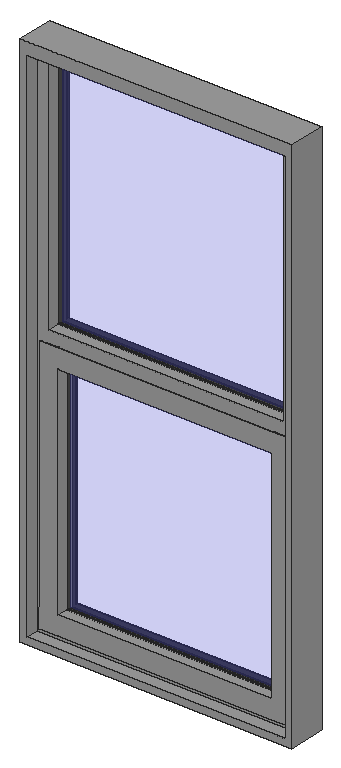
Revit family "SS_5_LAP IP007_v02", category Windows, host Wall, Revit 2015
Parameters
  Wall Thickness [instance] = 0' - 6"
  URL = "obe.com"
  Transom Height = 3' - 0"
  Rough Width = Width + 0' 0 1/2"  # 3' - 0 1/2"
  Rough Height = Height + 0' 0 1/2"  # 6' - 0 1/2"
  Offset Limitation [instance] = if((Offset + 0' 5") > Wall Thickness, (Wall Thickness - 0' 5"), Offset)  # 0' - 0"
  Offset [instance] = 0' - 0"
  Model = "SS_5_LAP IP007"
  Manufacturer = "Oldcastle BuildingEnvelope®"
  Keynote = "08 51 00"
  Height = Operable Height + Transom Height  # 6' - 0"
  Glass Material = Glass
  Gasket Material = Gasket
  Frame Material = Aluminum
  Operable Height = 3' - 0"
  Description = "SIGNATURE SERIES 5 LAP"
  Default Sill Height = 3' - 0"
  Wall Closure = By host
  Width = 3' - 0"
  Assembly Code = "B2020"
Reference planes (in)
  plane 1 "Center (Front/Back)": y = 0
  plane 2: z = 0
  plane 3 "Center (Left/Right)": x = 0
  plane 4 "Left": x = -18.25
  plane 5 "Right": x = 18.25
  plane 6 "Sill": z = 36
  plane 7 "Top": z = 108.5
  plane 8 "Offset": y = 3
  plane 9: x = 18
  plane 10: z = 108.25
  plane 11: x = -18
  plane 12: z = 36.25
  plane 13 "Center": z = 72.25
  plane 14: z = 70.125
  plane 15: z = 39.25
  plane 16: z = 73
  plane 17: z = 106.625
  plane 18: x = -16.375
  plane 19: x = 16.375
  plane 20 "INT": y = 1.451
Forms (in)
  Sweep 1, solid, material "Aluminum" <- "Frame Material"
    path origin (0, 3, 0) x (1, 0, 0) y (0, 0, 1)
      loop
        line (18, 72.25) -> (18, 36)
    profile origin (18, 3, 54.125) x (0, -1, 0) y (1, 0, 0)
      loop
        line (0, 0.25) -> (0, -2.25) -> (0.08, -2.25) -> (0.08, -1.375) -> (3.25, -1.375) -> (3.25, -0.625) -> (3.5, -0.625) -> (5.00003, -0.625) -> (5.00003, 0.25) -> (0, 0.25)
  Sweep 2, solid, material "Aluminum" <- "Frame Material"
    path origin (0, 3, 0) x (1, 0, 0) y (0, 0, 1)
      loop
        line (-18, 72.25) -> (-18, 36)
    profile origin (-18, 3, 54.125) x (0, -1, 0) y (1, 0, 0)
      loop
        line (0, -0.25) -> (5.00003, -0.25) -> (5.00003, 0.625) -> (3.5, 0.625) -> (3.25, 0.625) -> (3.25, 1.375) -> (0.08, 1.375) -> (0.08, 2.25) -> (0, 2.25) -> (0, -0.25)
  Sweep 3, solid, material "Aluminum" <- "Frame Material"
    path origin (0, 3, 0) x (1, 0, 0) y (0, 0, 1)
      loop
        line (18.25, 36.25) -> (-18.25, 36.25)
    profile origin (0, 3, 36.25) x (0, 0, -1) y (0, -1, 0)
      loop
        line (0.25, 0) -> (0.25, 5.00003) -> (-0.625, 5.00003) -> (-0.625, 3.5) -> (-0.625, 3.25) -> (-1.37528, 3.25) -> (-1.37528, 0.07998) -> (-2.25, 0.07998) -> (-2.25, 0) -> (0.25, 0)
  Sweep 4, solid, material "Aluminum" <- "Frame Material"
    path origin (0, 3, 0) x (1, 0, 0) y (0, 0, 1)
      loop
        line (18.25, 72.25) -> (-18.25, 72.25)
    profile origin (0, 3, 72.25) x (0, 0, -1) y (0, -1, 0)
      loop
        line (1.375, 0) -> (1.375, 0.07999) -> (0.49965, 0.07999) -> (0.49965, 3.25006) -> (-1.375, 3.25006) -> (-1.375, 1.49822) -> (-0.75, 1.49822) -> (-0.75, 0.174) -> (-1.375, 0.174) -> (-1.375, 0) -> (1.375, 0)
  Sweep 5, solid, material "Aluminum" <- "Frame Material"
    path origin (0, 3, 0) x (1, 0, 0) y (0, 0, 1)
      loop
        line (18, 72.25) -> (18, 108.5)
    profile origin (18, 3, 90.375) x (-1, 0, 0) y (0, -1, 0)
      loop
        line (0.625, 3.25) -> (0.625, 5) -> (-0.25, 5) -> (-0.25, 0) -> (2.25, 0) -> (2.25, 0.174) -> (1.625, 0.174) -> (1.625, 1.49907) -> (2.25, 1.49907) -> (2.25, 3.25) -> (0.625, 3.25)
  Sweep 6, solid, material "Aluminum" <- "Frame Material"
    path origin (0, 3, 0) x (-1, 0, 0) y (0, 0, 1)
      loop
        line (18, 72.25) -> (18, 108.5)
    profile origin (-18, 3, 90.375) x (-1, 0, 0) y (0, -1, 0)
      loop
        line (-0.625, 3.25) -> (-2.25, 3.25) -> (-2.25, 1.49907) -> (-1.625, 1.49907) -> (-1.625, 0.174) -> (-2.25, 0.174) -> (-2.25, 0) -> (0.25, 0) -> (0.25, 5) -> (-0.625, 5) -> (-0.625, 3.25)
  Sweep 7, solid, material "Aluminum" <- "Frame Material"
    path origin (83.97258, 3, 105.14333) x (0, 0, -1) y (-1, 0, 0)
      loop
        line (-3.10667, 65.97258) -> (-3.10667, 102.22258)
    profile origin (-0.125, 3, 108.25) x (0, 0, -1) y (0, -1, 0)
      loop
        line (1.375, 3.25) -> (1.375, 5) -> (-0.24994, 5) -> (-0.24994, 0) -> (2.25006, 0) -> (2.25006, 0.174) -> (1.62506, 0.174) -> (1.62506, 1.49907) -> (2.25006, 1.49907) -> (2.25006, 3.25) -> (1.375, 3.25)
  Sweep 8, void
    path origin (0, 3, 0) x (1, 0, 0) y (0, 0, 1)
      loop
        line (-14.375, 39.875) -> (14.375, 39.875) -> (14.375, 69.5) -> (-14.375, 69.5) -> (-14.375, 39.875)
    profile origin (0, 3, 39.875) x (0, 0, 1) y (0, -1, 0)
      loop
        line (-3, 3.5) -> (-3, 3.25) -> (-2.4994, 3.25) -> (-2.4994, 3.32617) -> (-2.46875, 3.5) -> (-3, 3.5)
  Sweep 9, solid, material "Gasket" <- "Gasket Material", detail levels fine
    path origin (0, 3, 0) x (1, 0, 0) y (0, 0, 1)
      loop
        line (14.375, 39.875) -> (14.375, 69.5) -> (-14.375, 69.5) -> (-14.375, 39.875) -> (14.375, 39.875)
    profile origin (0, 3, 39.875) x (0, 0, -1) y (0, -1, 0)
      loop
        line (0.33131, 1.549) -> (0.33131, 1.58216) -> (0.23376, 1.66116) -> (0.14086, 1.78443) -> (0.10779, 1.78443) -> (0.09699, 1.74907) -> (-0.01266, 1.74907) -> (0, 1.829) -> (-0.0394, 1.829) -> (-0.125, 1.549) -> (0.33131, 1.549)
      loop
        line (-0.05159, 0.28642) -> (-0.01425, 0.275) -> (-0.01425, 0.424) -> (0.34056, 0.424) -> (0.34056, 0.54897) -> (-0.15238, 0.54897) -> (-0.05159, 0.28642)
  Sweep 10, solid, material "Gasket" <- "Gasket Material", detail levels fine
    path origin (0, 3, 0) x (1, 0, 0) y (0, 0, 1)
      loop
        line (15.75, 105.99994) -> (-15.75, 105.99994) -> (-15.75, 73.625) -> (15.75, 73.625) -> (15.75, 105.99994)
    profile origin (0, 3, 105.99994) x (0, 0, -1) y (0, -1, 0)
      loop
        line (-0.33174, 1.299) -> (0.12457, 1.299) -> (0.03897, 1.579) -> (-0.00043, 1.579) -> (0.01223, 1.49907) -> (-0.09741, 1.49907) -> (-0.10822, 1.53443) -> (-0.14129, 1.53443) -> (-0.23418, 1.41116) -> (-0.33174, 1.33216) -> (-0.33174, 1.299)
      loop
        line (0.05116, 0.03642) -> (0.15195, 0.29897) -> (-0.34099, 0.29897) -> (-0.34099, 0.174) -> (0.01382, 0.174) -> (0.01382, 0.025) -> (0.05116, 0.03642)
  Extrusion 11, solid, material "Glass" <- "Glass Material"
    sketch origin (0, 0, 36) x (0, -1, 0) y (1, 0, 0)
      loop
        line (-2.451, -15) -> (-1.451, -15) -> (-1.451, 15) -> (-2.451, 15) -> (-2.451, -15)
    from 3.25 to 34.125
  Extrusion 12, solid, material "Glass" <- "Glass Material"
    sketch origin (0, 3.75, 36) x (0, -1, 0) y (1, 0, 0)
      loop
        line (2.049, 16.375) -> (1.049, 16.375) -> (1.049, -16.375) -> (2.049, -16.375) -> (2.049, 16.375)
    from 37 to 70.625
  Sweep 13, solid, material "Aluminum" <- "Frame Material"
    path origin (0, 3, 0) x (1, 0, 0) y (0, 0, 1)
      loop
        line (-18, 71.9994) -> (-18, 37.3756)
    profile origin (-18, 3, 54.6875) x (0, -1, 0) y (1, 0, 0)
      loop
        line (0.25, 2) -> (3.375, 2) -> (3.375, 1.13421) -> (3.5, 1.15625) -> (3.5, 3.625) -> (1.74907, 3.625) -> (1.74907, 3) -> (0.424, 3) -> (0.424, 3.625) -> (0.25, 3.625) -> (0.25, 2)
  Sweep 14, solid, material "Aluminum" <- "Frame Material"
    path origin (0, 3, 0) x (1, 0, 0) y (0, 0, 1)
      loop
        line (18, 37.3756) -> (18, 71.9994)
    profile origin (18, 3, 54.6875) x (-1, 0, 0) y (0, -1, 0)
      loop
        line (3.625, 1.74907) -> (3.625, 3.5) -> (1.15625, 3.5) -> (1.13421, 3.375) -> (1.82773, 3.375) -> (1.82773, 0.25) -> (3.625, 0.25) -> (3.625, 0.424) -> (3, 0.424) -> (3, 1.74907) -> (3.625, 1.74907)
  Sweep 15, solid, material "Aluminum" <- "Frame Material"
    path origin (0, 3, 0) x (1, 0, 0) y (0, 0, 1)
      loop
        line (16.86579, 36.25) -> (-16.86579, 36.25)
    profile origin (0, 3, 36.25) x (0, 0, -1) y (0, -1, 0)
      loop
        line (-3.625, 3.5) -> (-3.625, 1.74907) -> (-3, 1.74907) -> (-3, 0.424) -> (-3.625, 0.424) -> (-3.625, 0.25) -> (-1.82774, 0.25) -> (-1.82774, 3.37498) -> (-1.1342, 3.37498) -> (-1.15625, 3.5) -> (-3.625, 3.5)
  Sweep 16, solid, material "Aluminum" <- "Frame Material"
    path origin (0, 3, 0) x (1, 0, 0) y (0, 0, 1)
      loop
        line (16.86579, 72.25) -> (-16.84375, 72.25)
    profile origin (0.01102, 3, 72.25) x (0, 0, -1) y (0, -1, 0)
      loop
        line (0.9527, 0.25) -> (2.75, 0.25) -> (2.75, 0.424) -> (2.125, 0.424) -> (2.125, 1.74907) -> (2.75006, 1.74907) -> (2.75006, 3.5) -> (0.28125, 3.5) -> (0.2592, 3.37499) -> (0.9527, 3.37499) -> (0.9527, 0.25)
Cuts and joins
  Sweep 8 cuts Sweep 1
  Sweep 8 cuts Sweep 2
  Sweep 8 cuts Sweep 3
  Sweep 8 cuts Sweep 4
  Sweep 8 cuts Sweep 5
  Sweep 8 cuts Sweep 6
  Sweep 8 cuts Sweep 7
  joined: Sweep 1, Sweep 2, Sweep 3, Sweep 4, Sweep 5, Sweep 6, Sweep 7, Sweep 13, Sweep 14, Sweep 15, Sweep 16
Lines and regions (in)
  Opening 1
    outline origin (-60, -3, 0) x (1, 0, 0) y (0, 0, 1)
      loop
        line (41.75, 108.5) -> (41.75, 36) -> (78.25, 36) -> (78.25, 108.5) -> (41.75, 108.5)
  model lines, style "Opening Direction"
    curve 1: line (-14.375, 1.451, 69.5) -> (0, 1.451, 39.875)
    curve 2: line (14.375, 1.451, 69.49994) -> (0, 1.451, 39.875)
Text (in)
  text "EXTERIOR" at (-58.6888, 50.90694, 0), in view "Ref. Level"
  text "INTERIOR" at (-58.6888, -47.76638, 0), in view "Ref. Level"
  text "Exterior" at (0, 43.65631, 123.19604), in view "Left"
  text "Exterior" at (0, 18.29385, 125.04747), in view "Right"
  text "Min Operable Size\n\n14\" width x 18\" height\n\n\n\nMin Fixed Size\n\n14\" x 14\"\n\n\n\nMax Operable Size\n\n72\" x 48\"\n\n\n\nMax Fixed Size\n\n72\" x 72\"\n\n\n\nMax Operable Area\n\n20 square feet" at (93.30442, 65.42885, 0), in view "Ref. Level"
Dimensions and locks (in)
  equal spacing: plane 4 "Left", plane 3 "Center (Left/Right)", plane 5 "Right"
  "Rough Width": plane 4 "Left" to plane 5 "Right"
  "Default Sill Height": plane 2 to plane 6 "Sill"
  "Offset Limitation": plane 8 "Offset" to host wall
  "Wall Thickness": host wall to host wall
  locked: plane 9 to plane 5 "Right" at 0.25
  locked: plane 6 "Sill" to plane 12 at 0.25
  "Operable Height": plane 12 to plane 13 "Center"
  "Transom Height": plane 13 "Center" to plane 10
  "Rough Height": plane 6 "Sill" to plane 7 "Top"
  "Width": plane 11 to plane 9
  Extrusion 11 sketch curve to Extrusion 11 sketch curve to plane 8 "Offset" = 0' - 1" locked, 0' - 0.549" locked
  locked: plane 13 "Center" to plane 14 at 2.125
  locked: plane 15 to plane 12 at 3
  plane 8 "Offset" to Sweep 9 to Sweep 9 = 0' - 0.54897" locked, 0' - 1.00003" locked
  locked: plane 16 to plane 13 "Center" at 0.75
  locked: plane 10 to plane 17 at 1.625
  locked: plane 18 to plane 11 at 1.625
  locked: plane 9 to plane 19 at 1.625
  locked: plane 20 "INT" to plane 8 "Offset" at 1.549
  plane 8 "Offset" to Extrusion 12 sketch curve to Extrusion 12 sketch curve = 0' - 0.299" locked, 0' - 1" locked
  aligned and locked: plane 7 "Top" to Opening 1 sketch curve
  aligned and locked: plane 6 "Sill" to Opening 1 sketch curve  (x2)
  aligned and locked: plane 5 "Right" to Opening 1 sketch curve
  aligned and locked: plane 4 "Left" to Opening 1 sketch curve
  aligned and locked: level to plane 2
  aligned and locked: Sweep 1 sketch curve to plane 9
  aligned and locked: plane 13 "Center" to Sweep 1 sketch curve
  aligned and locked: plane 6 "Sill" to Sweep 1 sketch curve
  aligned and locked: plane 13 "Center" to Sweep 2 sketch curve
  aligned and locked: plane 6 "Sill" to Sweep 2 sketch curve
  aligned and locked: plane 13 "Center" to Sweep 4 sketch curve
  aligned and locked: plane 9 to Sweep 5 sketch curve
  aligned and locked: plane 13 "Center" to Sweep 5 sketch curve
  aligned and locked: plane 11 to Sweep 6 sketch curve
  aligned and locked: plane 7 "Top" to Sweep 6 sketch curve
  aligned and locked: plane 13 "Center" to Sweep 6 sketch curve
  aligned and locked: plane 10 to Sweep 7 sketch curve
  aligned and locked: plane 4 "Left" to Sweep 7 sketch curve
  aligned and locked: plane 9 to Sweep 7 sketch curve
  aligned and locked: Extrusion 11 to plane 15
  aligned and locked: plane 14 to Extrusion 11
  aligned and locked: plane 17 to Extrusion 12
  aligned and locked: Extrusion 12 to plane 16
  aligned and locked: Sweep 13 sketch curve to plane 11
  aligned and locked: plane 9 to Sweep 14 sketch curve
  aligned and locked: plane 12 to Sweep 15 sketch curve
  aligned and locked: plane 13 "Center" to Sweep 16 sketch curve
  aligned and locked: plane 3 "Center (Left/Right)" to curve 2
  aligned and locked: Extrusion 12 to plane 19
  aligned and locked: plane 18 to Extrusion 12
Automatic sketch dimensions
  plane 8 "Offset" to Sweep 2 sketch curve = 0' - 0"
  Sweep 2 sketch curve to profile plane = 0' - 1 3/8"
  Sweep 2 sketch curve to Sweep 2 sketch curve = 0' - 0 1/4"
  Sweep 2 sketch curve to profile plane = 0' - 0 5/8"
  Sweep 2 sketch curve to Sweep 2 sketch curve = 0' - 1.50003"
  profile plane to Sweep 2 sketch curve = 0' - 0 1/4"
  plane 4 "Left" to Sweep 3 sketch curve = 0' - 0"
  plane 5 "Right" to Sweep 3 sketch curve = 0' - 0"
  Sweep 3 sketch curve to plane 12 = 0' - 0"
  plane 4 "Left" to Sweep 4 sketch curve = 0' - 0"
  plane 5 "Right" to Sweep 4 sketch curve = 0' - 0"
  Sweep 5 sketch curve to plane 7 "Top" = 0' - 0"
  plane 8 "Offset" to Sweep 5 sketch curve = 0' - 0"
  profile plane to Sweep 5 sketch curve = 0' - 0 1/4"
  Sweep 5 sketch curve to profile plane = 0' - 0 5/8"
  plane 8 "Offset" to Sweep 5 sketch curve = 0' - 0.174"
  Sweep 5 sketch curve to profile plane = 0' - 1 5/8"
  Sweep 5 sketch curve to Sweep 5 sketch curve = 0' - 0 5/8"  (x2)
  Sweep 5 sketch curve to Sweep 5 sketch curve = 0' - 1.32507"
  Sweep 5 sketch curve to Sweep 5 sketch curve = 0' - 1.75093"
  Sweep 5 sketch curve to Sweep 5 sketch curve = 0' - 1 3/4"
  plane 8 "Offset" to Sweep 6 sketch curve = 0' - 0"
  plane 8 "Offset" to Sweep 6 sketch curve = 0' - 0.174"
  profile plane to Sweep 6 sketch curve = 0' - 2 1/4"  (x2)
  Sweep 6 sketch curve to Sweep 6 sketch curve = 0' - 0 5/8"
  profile plane to Sweep 6 sketch curve = 0' - 0 5/8"
  Sweep 6 sketch curve to profile plane = 0' - 0 1/4"
  Sweep 6 sketch curve to Sweep 6 sketch curve = 0' - 1.32507"
  Sweep 6 sketch curve to Sweep 6 sketch curve = 0' - 1.75093"
  Sweep 6 sketch curve to Sweep 6 sketch curve = 0' - 1 3/4"
  Sweep 7 sketch curve to plane 8 "Offset" = 0' - 0"
  profile plane to Sweep 7 sketch curve = 0' - 0.24994"
  Sweep 7 sketch curve to profile plane = 0' - 1 3/8"
  plane 8 "Offset" to Sweep 7 sketch curve = 0' - 0.174"
  Sweep 7 sketch curve to profile plane = 0' - 1.62506"
  Sweep 7 sketch curve to Sweep 7 sketch curve = 0' - 0 5/8"  (x2)
  Sweep 7 sketch curve to Sweep 7 sketch curve = 0' - 1.32507"
  Sweep 7 sketch curve to Sweep 7 sketch curve = 0' - 1.75093"
  Sweep 7 sketch curve to Sweep 7 sketch curve = 0' - 1 3/4"
  Sweep 8 sketch curve to plane 14 = 0' - 0 5/8"
  Sweep 8 sketch curve to plane 11 = 0' - 3 5/8"
  plane 9 to Sweep 8 sketch curve = 0' - 3 5/8"
  plane 15 to Sweep 8 sketch curve = 0' - 0 5/8"
  profile plane to Sweep 8 sketch curve = 0' - 3"
  Sweep 8 sketch curve to Sweep 8 sketch curve = 0' - 0.5006"
  Sweep 8 sketch curve to Sweep 8 sketch curve = 0' - 0.03065"
  plane 8 "Offset" to Sweep 8 sketch curve = 0' - 3 1/4"
  Sweep 8 sketch curve to Sweep 8 sketch curve = 0' - 0.07617"
  Sweep 8 sketch curve to Sweep 8 sketch curve = 0' - 0 1/4"
  plane 15 to Sweep 9 sketch curve = 0' - 0 5/8"
  Sweep 9 sketch curve to plane 11 = 0' - 3 5/8"
  Sweep 9 sketch curve to plane 14 = 0' - 0 5/8"
  plane 9 to Sweep 9 sketch curve = 0' - 3 5/8"
  Sweep 9 sketch curve to profile plane = 0' - 0"
  profile plane to Sweep 9 sketch curve = 0' - 0.01266"
  profile plane to Sweep 9 sketch curve = 0' - 0.01425"
  profile plane to Sweep 9 sketch curve = 0' - 0.0394"
  Sweep 9 sketch curve to Sweep 9 sketch curve = 0' - 0.03734"
  profile plane to Sweep 9 sketch curve = 0' - 0 1/8"
  profile plane to Sweep 9 sketch curve = 0' - 0.15238"
  Sweep 9 sketch curve to profile plane = 0' - 0.09699"
  Sweep 9 sketch curve to Sweep 9 sketch curve = 0' - 0.01081"
  Sweep 9 sketch curve to Sweep 9 sketch curve = 0' - 0.03307"
  Sweep 9 sketch curve to Sweep 9 sketch curve = 0' - 0.09289"
  Sweep 9 sketch curve to Sweep 9 sketch curve = 0' - 0.09756"
  Sweep 9 sketch curve to profile plane = 0' - 0.34056"
  plane 8 "Offset" to Sweep 9 sketch curve = 0' - 0.275"
  Sweep 9 sketch curve to Sweep 9 sketch curve = 0' - 0.01142"
  Sweep 9 sketch curve to Sweep 9 sketch curve = 0' - 0.149"
  Sweep 9 sketch curve to Sweep 9 sketch curve = 0' - 0.12497"
  Sweep 9 sketch curve to Sweep 9 sketch curve = 0' - 1.00003"
  Sweep 9 sketch curve to Sweep 9 sketch curve = 0' - 0.03316"
  Sweep 9 sketch curve to Sweep 9 sketch curve = 0' - 0.079"
  Sweep 9 sketch curve to Sweep 9 sketch curve = 0' - 0.20007"
  Sweep 9 sketch curve to Sweep 9 sketch curve = 0' - 0.03535"
  Sweep 9 sketch curve to Sweep 9 sketch curve = 0' - 0.07993"
  Sweep 10 sketch curve to plane 11 = 0' - 2 1/4"
  plane 9 to Sweep 10 sketch curve = 0' - 2 1/4"
  Sweep 10 sketch curve to plane 13 "Center" = 0' - 1 3/8"
  plane 10 to Sweep 10 sketch curve = 0' - 2.25006"
  profile plane to Sweep 10 sketch curve = 0' - 0.34099"
  profile plane to Sweep 10 sketch curve = 0' - 0.33174"
  Sweep 10 sketch curve to Sweep 10 sketch curve = 0' - 0.09756"
  profile plane to Sweep 10 sketch curve = 0' - 0.14129"
  Sweep 10 sketch curve to Sweep 10 sketch curve = 0' - 0.03307"
  Sweep 10 sketch curve to Sweep 10 sketch curve = 0' - 0.01081"
  profile plane to Sweep 10 sketch curve = 0' - 0.00043"
  Sweep 10 sketch curve to profile plane = 0' - 0.01223"
  Sweep 10 sketch curve to profile plane = 0' - 0.01382"
  Sweep 10 sketch curve to profile plane = 0' - 0.03897"
  Sweep 10 sketch curve to Sweep 10 sketch curve = 0' - 0.03734"
  Sweep 10 sketch curve to profile plane = 0' - 0.12457"
  Sweep 10 sketch curve to profile plane = 0' - 0.15195"
  plane 8 "Offset" to Sweep 10 sketch curve = 0' - 0.025"
  plane 8 "Offset" to Sweep 10 sketch curve = 0' - 0.03642"
  plane 8 "Offset" to Sweep 10 sketch curve = 0' - 0.174"
  Sweep 10 sketch curve to Sweep 10 sketch curve = 0' - 0.12497"
  Sweep 10 sketch curve to Sweep 10 sketch curve = 0' - 1.00003"
  Sweep 10 sketch curve to Sweep 10 sketch curve = 0' - 0.03316"
  Sweep 10 sketch curve to Sweep 10 sketch curve = 0' - 0.079"
  Sweep 10 sketch curve to Sweep 10 sketch curve = 0' - 0.20007"
  Sweep 10 sketch curve to Sweep 10 sketch curve = 0' - 0.03535"
  Sweep 10 sketch curve to Sweep 10 sketch curve = 0' - 0.07993"
  Extrusion 11 sketch curve to plane 11 = 0' - 3"
  plane 9 to Extrusion 11 sketch curve = 0' - 3"
  plane 11 to Sweep 2 sketch curve = 0' - 0"
  Sweep 3 sketch curve to plane 8 "Offset" = 0' - 0"
  profile plane to Sweep 3 sketch curve = 0' - 0 5/8"
  Sweep 3 sketch curve to profile plane = 0' - 0 1/4"
  plane 8 "Offset" to Sweep 3 sketch curve = 0' - 3 1/4"
  Sweep 3 sketch curve to Sweep 3 sketch curve = 0' - 0 1/4"
  Sweep 3 sketch curve to Sweep 3 sketch curve = 0' - 1.50003"
  Sweep 3 sketch curve to Sweep 3 sketch curve = 0' - 0.87472"
  Sweep 3 sketch curve to Sweep 3 sketch curve = 0' - 0.75028"
  Sweep 3 sketch curve to Sweep 3 sketch curve = 0' - 0.07998"
  Sweep 4 sketch curve to plane 8 "Offset" = 0' - 0"
  profile plane to Sweep 4 sketch curve = 0' - 1 3/8"  (x2)
  Sweep 4 sketch curve to Sweep 4 sketch curve = 0' - 0 5/8"
  Sweep 4 sketch curve to profile plane = 0' - 1 3/8"
  plane 8 "Offset" to Sweep 4 sketch curve = 0' - 0.174"
  Sweep 4 sketch curve to Sweep 4 sketch curve = 0' - 1 83/256"
  Sweep 4 sketch curve to Sweep 4 sketch curve = 0' - 1.75184"
  Sweep 4 sketch curve to profile plane = 0' - 0.49965"
  plane 8 "Offset" to Sweep 4 sketch curve = 0' - 0.07999"
  plane 8 "Offset" to Sweep 1 sketch curve = 0' - 0"
  profile plane to Sweep 1 sketch curve = 0' - 1 3/8"
  plane 8 "Offset" to Sweep 1 sketch curve = 0' - 3 1/4"
  Sweep 1 sketch curve to Sweep 1 sketch curve = 0' - 0 1/4"
  profile plane to Sweep 1 sketch curve = 0' - 0 5/8"
  Sweep 1 sketch curve to Sweep 1 sketch curve = 0' - 1.50003"
  Sweep 1 sketch curve to profile plane = 0' - 0 1/4"
  Sweep 1 sketch curve to Sweep 1 sketch curve = 0' - 0.08"
  Sweep 1 sketch curve to Sweep 1 sketch curve = 0' - 0 7/8"
  plane 8 "Offset" to Sweep 2 sketch curve = 0' - 3 1/4"
  Sweep 2 sketch curve to Sweep 2 sketch curve = 0' - 0.08"
  Sweep 2 sketch curve to Sweep 2 sketch curve = 0' - 0 7/8"
  level to Sweep 13 sketch curve = 3' - 1.3756"
  plane 13 "Center" to Sweep 13 sketch curve = 0' - 0.2506"
  plane 8 "Offset" to Sweep 13 sketch curve = 0' - 0 1/4"
  Sweep 13 sketch curve to Sweep 13 sketch curve = 0' - 3 1/8"
  Sweep 13 sketch curve to profile plane = 0' - 1.13421"
  Sweep 13 sketch curve to Sweep 13 sketch curve = 0' - 0.02204"
  Sweep 13 sketch curve to Sweep 13 sketch curve = 0' - 0.86579"
  Sweep 13 sketch curve to Sweep 13 sketch curve = 0' - 0.174"
  Sweep 13 sketch curve to Sweep 13 sketch curve = 0' - 1.32507"
  Sweep 13 sketch curve to Sweep 13 sketch curve = 0' - 0 1/8"
  Sweep 13 sketch curve to Sweep 13 sketch curve = 0' - 0 5/8"
  Sweep 13 sketch curve to Sweep 13 sketch curve = 0' - 1 5/8"
  Sweep 13 sketch curve to Sweep 13 sketch curve = 0' - 0"
  Sweep 14 sketch curve to plane 12 = 0' - 1.1256"
  plane 13 "Center" to Sweep 14 sketch curve = 0' - 0.2506"
  Sweep 14 sketch curve to profile plane = 0' - 1.13421"
  Sweep 14 sketch curve to Sweep 14 sketch curve = 0' - 0.02204"
  plane 8 "Offset" to Sweep 14 sketch curve = 0' - 0 1/4"
  Sweep 14 sketch curve to profile plane = 0' - 1.82773"
  Sweep 14 sketch curve to Sweep 14 sketch curve = 0' - 1.17227"
  Sweep 14 sketch curve to Sweep 14 sketch curve = 0' - 0 5/8"  (x2)
  Sweep 14 sketch curve to Sweep 14 sketch curve = 0' - 1.32507"
  Sweep 14 sketch curve to Sweep 14 sketch curve = 0' - 1.62593"
  Sweep 14 sketch curve to Sweep 14 sketch curve = 0' - 0 1/8"
  Sweep 14 sketch curve to Sweep 14 sketch curve = 0' - 0.174"
  plane 18 to Sweep 15 sketch curve = 0' - 0.49079"
  Sweep 15 sketch curve to plane 19 = 0' - 0.49079"
  profile plane to Sweep 15 sketch curve = 0' - 1.82774"
  profile plane to Sweep 15 sketch curve = 0' - 1 5/32"
  Sweep 15 sketch curve to Sweep 15 sketch curve = 0' - 0.02204"
  Sweep 15 sketch curve to Sweep 15 sketch curve = 0' - 1.17226"
  Sweep 15 sketch curve to Sweep 15 sketch curve = 0' - 0 5/8"
  plane 8 "Offset" to Sweep 15 sketch curve = 0' - 1.74907"
  Sweep 15 sketch curve to Sweep 15 sketch curve = 0' - 0"
  Sweep 15 sketch curve to Sweep 15 sketch curve = 0' - 0.174"
  plane 8 "Offset" to Sweep 15 sketch curve = 0' - 0 1/4"
  Sweep 15 sketch curve to Sweep 15 sketch curve = 0' - 3 1/8"
  Sweep 15 sketch curve to Sweep 15 sketch curve = 0' - 0 1/8"
  plane 18 to Sweep 16 sketch curve = 0' - 0 15/32"
  Sweep 16 sketch curve to plane 19 = 0' - 0.49079"
  plane 8 "Offset" to Sweep 16 sketch curve = 0' - 0 1/4"
  Sweep 16 sketch curve to Sweep 16 sketch curve = 0' - 0 5/8"
  Sweep 16 sketch curve to Sweep 16 sketch curve = 0' - 1.1723"
  Sweep 16 sketch curve to profile plane = 0' - 0.9527"
  Sweep 16 sketch curve to profile plane = 0' - 0 9/32"
  Sweep 16 sketch curve to Sweep 16 sketch curve = 0' - 0.02204"
  Sweep 16 sketch curve to Sweep 16 sketch curve = 0' - 0.00006"
  Sweep 16 sketch curve to Sweep 16 sketch curve = 0' - 0.174"
  Sweep 16 sketch curve to Sweep 16 sketch curve = 0' - 1.49907"
  Sweep 16 sketch curve to Sweep 16 sketch curve = 0' - 3 1/8"
  Sweep 16 sketch curve to Sweep 16 sketch curve = 0' - 0 1/8"
  plane 19 to Extrusion 12 sketch curve = 0' - 0"
  Extrusion 12 sketch curve to plane 18 = 0' - 0"
  plane 15 to curve 1 = 0' - 0 5/8"
  curve 1 to plane 14 = 0' - 0 5/8"
  curve 1 to plane 18 = 0' - 2"
  curve 2 to plane 14 = 0' - 0.62506"
  plane 19 to curve 2 = 0' - 2"
